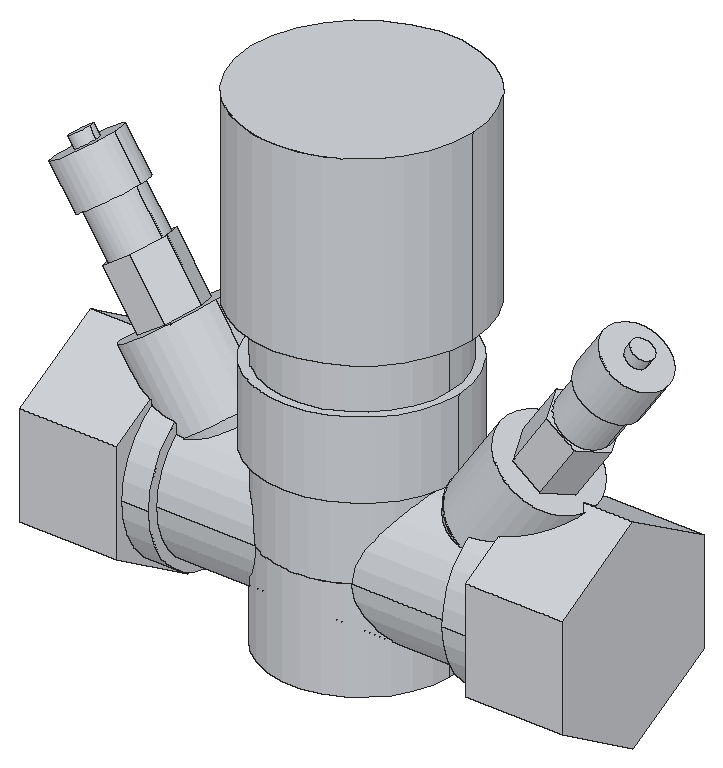
Revit family "D9525-DN25-RFA2019", category Pipe Accessories, Revit 2019
Family settings
  Round Connector Dimension = Use Diameter
  Part Type = Valve - Breaks Into
  Work Plane-Based = No
  Always vertical = Yes
  Cut with Voids When Loaded = No
  Shared = No
Parameters (values of type "9525 DN25")
  magiProductId = "1f5bab54bc3c45cdac322ce9a95cfe"
  magiProductFamilyId = "ec630ab62332464eb6277f46734e39"
  magiPartTypeId = 304
  isMeasuringValve [instance] = no
  ang2D [instance] = 0.00°
  ZZ = 11.971 mm
  ZN = 2 mm
  ZB1 = 16.333 mm
  ZB = 18.333 mm
  Z11 = 9.745 mm
  Z1 = 13.922 mm
  X0 = 18 mm
  W2D = 25 mm
  VersionID = "2.0/2019.5.23.1/VIR_9525_201"
  VIS0 = no
  V22 = 15.7 mm
  V2 = 17.8 mm
  V = 40 mm
  Use Minimum Symbol Size [instance] = no
  URL = "www.hydronic.cz"
  Type Comments = "závitový; PN10 (-10~+120°C) nebo PN20 (-10~+80°C)"
  RT = 2 mm
  RN = 18.333 mm
  R9 = 5 mm
  R8 = 6 mm
  R3 = 15 mm
  R2 = 13.333 mm
  R11 = 4.5 mm
  R1 = 9 mm
  R = 12.5 mm
  QmdConnectorList = "301;D;302;D"
  Productdata [instance] = ""
  Manufacturer = "Hydronic Systems Prague s.r.o."
  MC Product Code = "9525 025 (D9525 DN25; kvs=6,30)"
  MC Piping Given Pressure Drop [instance] = 0.0 Pa
  MC Enable LOD 350 = no
  MC Enable LOD 200 = no
  MC Constant Outlet Pressure [instance] = 0.0 Pa
  L_2 = 49 mm
  LLDONLY = not(BBVIS)  # yes
  LLDAndHLD = and(or(LLDONLY, MC Enable LOD 350), not(BBVIS))  # yes
  LC = 9.8 mm
  L3 = 22.5 mm
  L2__ve = -L2  # -5 mm
  L2D_Min = 30.48 mm
  L2D = 98 mm
  L2 = 5 mm
  L1__ve = -L1  # -17.5 mm
  L1 = 17.5 mm
  L = 98 mm
  I4 = 31.585 mm
  I3 = 49.585 mm
  I2 = 54.5 mm
  I = 109 mm
  HBTR = 8.26 mm
  HBT3 = 8.26 mm
  HBT2 = 11.013 mm
  HBT11 = 15.562 mm
  HBT1 = 27.533 mm
  HBT = 55.067 mm
  HB = 71 mm
  ENBL350 = and(MC Enable LOD 350, not(BBVIS))  # no
  Description = "Ruční vyvažovací a 2-cestný regulační ventil závitový; bronzový; DN25; kvs6,30"
  DB11 = 30.286 mm
  DB1 = 35.067 mm
  DB = 31.88 mm
  D = 25 mm
  CenSd_RN_6 = RN * cos(30.00°)  # 15.877 mm
  CenSd_R8_6 = R8 * cos(30.00°)  # 5.196 mm
  CAT0 = yes
  CAT = no
  BBVIS = MC Enable LOD 200  # no
Types (4, lengths in mm): name | magiProductId | ZZ | ZB1 | ZB | Z11 | Z1 | W2D | RN | R3 | R2 | R | MC Product Code | L_2 | L2D | L | I4 | I3 | I2 | I | HBTR | HBT3 | HBT2 | HBT11 | HBT1 | HBT | HB | Description | DB11 | DB1 | DB | D | CenSd_RN_6
  9525 DN15 NF | "38bc2a49e75f44a19550cf5c31e8d8" | 10.076 | 9 | 11 | 7 | 10 | 15 | 11 | 9 | 8 | 7.5 | "9525 015 (D9525 DN15NF; kvs=1,83)" | 41.5 | 83 | 83 | 26.585 | 44.585 | 49.5 | 99 | 6.952 | 6.952 | 9.27 | 13.099 | 23.175 | 46.35 | 51 | "Ruční vyvažovací a 2-cestný regulační ventil závitový; bronzový; DN15NF; kvs1,83" | 25.65 | 29.7 | 27 | 15 | 9.526
  9525 DN15 LF | "0f0d3c44fff84d33bcc3edb98b3d66" | 10.076 | 9 | 11 | 7 | 10 | 15 | 11 | 9 | 8 | 7.5 | "9525 014 (D9525 DN15LF; kvs=0,86)" | 41.5 | 83 | 83 | 26.585 | 44.585 | 49.5 | 99 | 6.952 | 6.952 | 9.27 | 13.099 | 23.175 | 46.35 | 51 | "Ruční vyvažovací a 2-cestný regulační ventil závitový; bronzový; DN15LF; kvs0,86" | 25.65 | 29.7 | 27 | 15 | 9.526
  9525 DN20 | "da587af331304b45b3ec03b8fa0f34" | 11.213 | 12.667 | 14.667 | 7 | 10 | 20 | 14.667 | 12 | 10.667 | 10 | "9525 020 (D9525 DN20; kvs=3,47)" | 45 | 90 | 90 | 29.585 | 47.585 | 52.5 | 105 | 7.737 | 7.737 | 10.316 | 14.577 | 25.79 | 51.58 | 51 | "Ruční vyvažovací a 2-cestný regulační ventil závitový; bronzový; DN20; kvs3,47" | 27.813 | 32.205 | 29.277 | 20 | 12.702
  9525 DN25 | "1f5bab54bc3c45cdac322ce9a95cfe" | 11.971 | 16.333 | 18.333 | 9.745 | 13.922 | 25 | 18.333 | 15 | 13.333 | 12.5 | "9525 025 (D9525 DN25; kvs=6,30)" | 49 | 98 | 98 | 31.585 | 49.585 | 54.5 | 109 | 8.26 | 8.26 | 11.013 | 15.562 | 27.533 | 55.067 | 71 | "Ruční vyvažovací a 2-cestný regulační ventil závitový; bronzový; DN25; kvs6,30" | 30.286 | 35.067 | 31.88 | 25 | 15.877
Reference planes
  plane 1 "Center (Front/Back)": y = 0
  plane 2 "XYPLANE": z = 0
  plane 3 "Center (Left/Right)": x = 0
  plane 4 "506": x = -2.2
  plane 5 "476": through (-589.498, 0, 439.988) normal (0.5736, 0, 0.8192)
  plane 6 "473": through (-639.23, 0, -420.376) normal (-0.5736, 0, 0.8192)
  plane 7 "470": z = -16.333
  plane 8 "442": x = 54.5
  plane 9 "441": x = -54.5
  plane 10 "440": y = 20
  plane 11 "439": y = -20
  plane 12 "438": z = -18.333
  plane 13 "436": through (-564.779, 0, 475.291) normal (0.5736, 0, 0.8192)
  plane 14 "435": through (-569.517, 0, 468.524) normal (0.5736, 0, 0.8192)
  plane 15 "434": through (-574.254, 0, 461.758) normal (0.5736, 0, 0.8192)
  plane 16 "433": through (-580.571, 0, 452.736) normal (0.5736, 0, 0.8192)
  plane 17 "422": through (-663.949, 0, -385.074) normal (-0.5736, 0, 0.8192)
  plane 18 "419": through (-659.211, 0, -391.84) normal (-0.5736, 0, 0.8192)
  plane 19 "416": through (-654.474, 0, -398.607) normal (-0.5736, 0, 0.8192)
  plane 20 "413": through (-648.157, 0, -407.628) normal (-0.5736, 0, 0.8192)
  plane 21 "400": z = 55.2
  plane 22 "397": z = 53.2
  plane 23 "396": z = 71
  plane 24 "395": z = 37.588
  plane 25 "394": x = -20
  plane 26 "393": x = -0.2
  plane 27 "390": z = 27.843
  plane 28 "387": z = 13.922
  plane 29 "369": x = -18
  plane 30 "368": x = 18
  plane 31 "364": z = -18.333
  plane 32 "356": y = 0
  plane 33 "355": through (-448.182, 0, 614.364) normal (0.8192, 0, 0.5736)
  plane 34 "353": through (-632.364, 0, -430.182) normal (-0.5736, 0, 0.8192)
  plane 35 "328": y = 0
  plane 36 "157": x = 26.5
  plane 37 "70": through (-596.364, 0, 430.182) normal (0.5736, 0, 0.8192)
  plane 38 "68": through (448.182, 0, 614.364) normal (0.8192, 0, -0.5736)
  plane 39 "21": x = -26.5
  plane 40 "20": x = 31.5
  plane 41 "19": x = -31.5
  plane 42 "13": x = 0
  plane 43 "11": x = 49
  plane 44 "10": x = -49
  plane 45 "9": y = 0
  plane 46 "8": z = 0
  plane 47 "340XY": through (-632.364, 0, -430.182) normal (-0.5736, 0, 0.8192)
  plane 48 "340XZ": y = 0
  plane 49 "340YZ": through (-448.182, 0, 614.364) normal (0.8192, 0, 0.5736)
  plane 50 "65XY": through (-596.364, 0, 430.182) normal (0.5736, 0, 0.8192)
  plane 51 "65XZ": y = 0
  plane 52 "65YZ": through (448.182, 0, 614.364) normal (0.8192, 0, -0.5736)
Forms (mm)
  Extrusion 1, solid, visible <- "LLDAndHLD"
    sketch origin (-580.571, 0, 452.736) x (0.819152, 0, -0.573576) y (0, 1, 0)
      loop
        line (756, 0) -> (753, 5.196) -> (747, 5.196) -> (744, 0) -> (747, -5.196) -> (753, -5.196) -> (756, 0)
    from 0 to 11.013 <- "HBT2"
  Extrusion 2, solid, visible <- "LLDAndHLD"
    sketch origin (-648.157, 0, -407.628) x (0.819152, 0, 0.573576) y (0, 1, 0)
      loop
        line (756, 0) -> (753, 5.196) -> (747, 5.196) -> (744, 0) -> (747, -5.196) -> (753, -5.196) -> (756, 0)
    from 0 to 11.013 <- "HBT2"
  Blend 3, solid, visible <- "LLDAndHLD"
    base sketch origin (-596.364, 0, 430.182) x (0.819152, 0, -0.573576) y (0, 1, 0)
      loop
        circle (750, 0) r 4.5
    top sketch origin (-596.364, 0, 430.182) x (0.819152, 0, -0.573576) y (0, 1, 0)
      loop
        circle (750, 0) r 9
    from 0 to 11.971
  Blend 4, solid, visible <- "LLDAndHLD"
    base sketch origin (-639.23, 0, -420.376) x (0.819152, 0, 0.573576) y (0, 1, 0)
      loop
        circle (750, 0) r 9
    top sketch origin (-639.23, 0, -420.376) x (0.819152, 0, 0.573576) y (0, 1, 0)
      loop
        circle (750, 0) r 4.5
    from 0 to -11.971
  Blend 5, solid, visible <- "ENBL350"
    base sketch origin (-750, 0, -16.333) x (1, 0, 0) y (0, 1, 0)
      loop
        circle (750, 0) r 15.94
    top sketch origin (-750, 0, -16.333) x (1, 0, 0) y (0, 1, 0)
      loop
        circle (750, 0) r 15.143
    from 0 to -2
  Extrusion 6, solid, visible <- "ENBL350"
    sketch origin (-750, 0, -16.333) x (1, 0, 0) y (0, 1, 0)
      loop
        circle (750, 0) r 15.94
    from 0 to 16.333 <- "ZB1"
  Blend 7, solid, visible <- "BBVIS"
    base sketch origin (-750, 0, -18.333) x (1, 0, 0) y (0, 1, 0)
      loop
        line (695.5, -20) -> (804.5, -20) -> (804.5, 20) -> (695.5, 20) -> (695.5, -20)
    top sketch origin (-750, 0, -18.333) x (1, 0, 0) y (0, 1, 0)
      loop
        line (695.5, -20) -> (804.5, -20) -> (804.5, 20) -> (695.5, 20) -> (695.5, -20)
    from 0 to 89.333
  Blend 8, solid, visible <- "LLDONLY"
    base sketch origin (-750, 0, 37.588) x (1, 0, 0) y (0, 1, 0)
      loop
        circle (750, 0) r 20
    top sketch origin (-750, 0, 37.588) x (1, 0, 0) y (0, 1, 0)
      loop
        circle (750, 0) r 20
    from 0 to 33.412
  Extrusion 9, solid, visible <- "LLDAndHLD"
    sketch origin (-589.498, 0, 439.988) x (0.819152, 0, -0.573576) y (0, 1, 0)
      loop
        circle (750, 0) r 9
    from 0 to 15.562 <- "HBT11"
  Extrusion 10, solid, visible <- "LLDAndHLD"
    sketch origin (-574.254, 0, 461.758) x (0.819152, 0, -0.573576) y (0, 1, 0)
      loop
        circle (750, 0) r 5
    from 0 to 8.26 <- "HBT3"
  Extrusion 11, solid, visible <- "LLDAndHLD"
    sketch origin (-569.517, 0, 468.524) x (0.819152, 0, -0.573576) y (0, 1, 0)
      loop
        circle (750, 0) r 6
    from 0 to 8.26 <- "HBTR"
  Extrusion 12, solid, visible <- "LLDAndHLD"
    sketch origin (-564.779, 0, 475.291) x (0.819152, 0, -0.573576) y (0, 1, 0)
      loop
        circle (750, 0) r 2
    from 0 to 2
  Extrusion 13, solid, visible <- "LLDAndHLD"
    sketch origin (-663.949, 0, -385.074) x (0.819152, 0, 0.573576) y (0, 1, 0)
      loop
        circle (750, 0) r 2
    from 0 to 2
  Extrusion 14, solid, visible <- "LLDAndHLD"
    sketch origin (-659.211, 0, -391.84) x (0.819152, 0, 0.573576) y (0, 1, 0)
      loop
        circle (750, 0) r 6
    from 0 to 8.26 <- "HBTR"
  Extrusion 15, solid, visible <- "LLDAndHLD"
    sketch origin (-654.474, 0, -398.607) x (0.819152, 0, 0.573576) y (0, 1, 0)
      loop
        circle (750, 0) r 5
    from 0 to 8.26 <- "HBT3"
  Extrusion 16, solid, visible <- "LLDAndHLD"
    sketch origin (-639.23, 0, -420.376) x (0.819152, 0, 0.573576) y (0, 1, 0)
      loop
        circle (750, 0) r 9
    from 0 to 15.562 <- "HBT11"
  Revolve 17, solid, visible <- "ENBL350"
    sketch origin (-0.2, 0, 27) x (0, 0, -1) y (1, 0, 0)
      loop
        line (-10.588, 0) -> (-44, 0) -> (-44, -2) -> (-44, -4.1)
        arc (-44, -4.1) -> (-39.402, -15.202) -> (-28.3, -19.8) r 15.7
        line (-28.3, -19.8) -> (-10.588, -19.8) -> (-10.588, -2) -> (-10.588, 0)
      axis (-44, 0.2) -> (-10.588, 0.2)
    angle from 0 to -360
  Extrusion 18, solid, visible <- "LLDAndHLD"
    sketch origin (-750, 0, 27.843) x (1, 0, 0) y (0, 1, 0)
      loop
        circle (750, 0) r 15.94
    from 0 to 9.745 <- "Z11"
  Extrusion 19, solid, visible <- "LLDAndHLD"
    sketch origin (-750, 0, 13.922) x (1, 0, 0) y (0, 1, 0)
      loop
        circle (750, 0) r 17.534
    from 0 to 13.922 <- "Z1"
  Blend 20, solid, visible <- "LLDAndHLD"
    base sketch origin (-26.5, -750, 0) x (0, 1, 0) y (0, 0, 1)
      loop
        circle (750, 0) r 13.333
    top sketch origin (-26.5, -750, 0) x (0, 1, 0) y (0, 0, 1)
      loop
        circle (750, 0) r 13.333
    from 0 to 53
  Extrusion 21, solid, visible <- "LLDAndHLD"
    sketch origin (-750, 0, 0) x (1, 0, 0) y (0, 1, 0)
      loop
        circle (750, 0) r 15.94
    from 0 to 13.922 <- "Z1"
  Extrusion 22, solid, visible <- "LLDONLY"
    sketch origin (-750, 0, -18.333) x (1, 0, 0) y (0, 1, 0)
      loop
        circle (750, 0) r 15.94
    from 0 to 18.333 <- "ZB"
  Extrusion 23, solid, visible <- "LLDAndHLD"
    sketch origin (26.5, -750, 0) x (0, 1, 0) y (0, 0, 1)
      loop
        circle (750, 0) r 15
    from 0 to 5 <- "L2"
  Extrusion 24, solid, visible <- "LLDAndHLD"
    sketch origin (-26.5, -750, 0) x (0, 1, 0) y (0, 0, 1)
      loop
        circle (750, 0) r 15
    from 0 to -5 <- "L2__ve"
  Extrusion 25, solid, visible <- "LLDAndHLD"
    sketch origin (49, -750, 0) x (0, 1, 0) y (0, 0, 1)
      loop
        line (750, 18.333) -> (734.123, 9.167) -> (734.123, -9.167) -> (750, -18.333) -> (765.877, -9.167) -> (765.877, 9.167) -> (750, 18.333)
    from 0 to -17.5 <- "L1__ve"
  Extrusion 26, solid, visible <- "LLDAndHLD"
    sketch origin (-49, -750, 0) x (0, 1, 0) y (0, 0, 1)
      loop
        line (750, 18.333) -> (734.123, 9.167) -> (734.123, -9.167) -> (750, -18.333) -> (765.877, -9.167) -> (765.877, 9.167) -> (750, 18.333)
    from 0 to 17.5 <- "L1"
  Extrusion 27, solid, not visible
    sketch origin (49, -750, 0) x (0, 1, 0) y (0, 0, 1)
      loop
        circle (750, 0) r 10
    from 0 to -10
  Extrusion 28, solid, not visible
    sketch origin (-49, -750, 0) x (0, 1, 0) y (0, 0, 1)
      loop
        circle (750, 0) r 10
    from 0 to 10
Lines and regions (mm)
  reference lines, not visible
    curve 1: circle (2, 2, 0) r 1 normal (0, 0, 1)
  reference lines
    curve 2: line (33.793, 0, 22.554) -> (32.564, 2.598, 23.414)
    curve 3: line (33.793, 0, 22.554) -> (31.335, 0, 24.275)
    curve 4: line (33.793, 0, 22.554) -> (32.564, -2.598, 23.414)
    curve 5: line (-33.793, 0, 22.554) -> (-35.021, 2.598, 21.694)
    curve 6: line (-33.793, 0, 22.554) -> (-36.25, 0, 20.833)
    curve 7: line (-33.793, 0, 22.554) -> (-35.021, -2.598, 21.694)
    curve 8: line (49, 0, 0) -> (49, -4.763, -2.75)
    curve 9: line (49, 0, 0) -> (49, 0, -5.5)
    curve 10: line (49, 0, 0) -> (49, 4.763, -2.75)
    curve 11: line (-49, 0, 0) -> (-49, 4.763, -2.75)
    curve 12: line (-49, 0, 0) -> (-49, 0, -5.5)
    curve 13: line (-49, 0, 0) -> (-49, -4.763, -2.75)
Dimensions and locks
  plane 1 "Center (Front/Back)" to curve 1 = 2 mm
  locked: plane 26 "393" to plane 4 "506" at 2
  "ZZ": plane 37 "70" to plane 5 "476"
  "ZZ": plane 34 "353" to plane 6 "473"
  locked: plane 31 "364" to plane 7 "470" at 2
  "I2": plane 42 "13" to plane 8 "442"
  "I2": plane 42 "13" to plane 9 "441"
  "V": plane 11 "439" to plane 10 "440"
  locked: plane 45 "9" to plane 11 "439" at 20
  "RN": plane 46 "8" to plane 12 "438"
  "HBTR": plane 14 "435" to plane 13 "436"
  "HBT3": plane 15 "434" to plane 14 "435"
  "HBT2": plane 16 "433" to plane 15 "434"
  "HBT1": plane 37 "70" to plane 16 "433"
  "HBTR": plane 18 "419" to plane 17 "422"
  "HBT3": plane 19 "416" to plane 18 "419"
  "HBT2": plane 20 "413" to plane 19 "416"
  "HBT1": plane 34 "353" to plane 20 "413"
  "ZN": plane 22 "397" to plane 21 "400"
  "V2": plane 23 "396" to plane 22 "397"
  "HB": plane 2 "XYPLANE" to plane 23 "396"
  "Z11": plane 27 "390" to plane 24 "395"
  "V2": plane 4 "506" to plane 25 "394"
  locked: plane 42 "13" to plane 26 "393" at 0.2
  "Z1": plane 28 "387" to plane 27 "390"
  "Z1": plane 2 "XYPLANE" to plane 28 "387"
  "X0": plane 3 "Center (Left/Right)" to plane 29 "369"
  "X0": plane 3 "Center (Left/Right)" to plane 30 "368"
  "ZB": plane 2 "XYPLANE" to plane 31 "364"
  locked: plane 45 "9" to plane 32 "356"
  locked: plane 49 "340YZ" to plane 33 "355"
  locked: plane 47 "340XY" to plane 34 "353" at 0
  locked: plane 45 "9" to plane 35 "328"
  "L2": plane 40 "20" to plane 36 "157"
  locked: plane 50 "65XY" to plane 37 "70"
  locked: plane 52 "65YZ" to plane 38 "68"
  "L2": plane 41 "19" to plane 39 "21"
  "L1": plane 43 "11" to plane 40 "20"
  "L1": plane 44 "10" to plane 41 "19"
  locked: plane 3 "Center (Left/Right)" to plane 42 "13"
  "L_2": plane 3 "Center (Left/Right)" to plane 43 "11"
  "L_2": plane 3 "Center (Left/Right)" to plane 44 "10"
  locked: plane 1 "Center (Front/Back)" to plane 45 "9"
  locked: plane 2 "XYPLANE" to plane 46 "8"
  "CenSd_R8_6": curve 2 to Extrusion 1 sketch curve  (x2)
  "CenSd_R8_6": curve 3 to Extrusion 1 sketch curve  (x2)
  "CenSd_R8_6": curve 4 to Extrusion 1 sketch curve  (x2)
  Extrusion 1 sketch curve to Extrusion 1 sketch curve = 0 mm  (x12)
  "CenSd_R8_6": curve 5 to Extrusion 2 sketch curve  (x2)
  "CenSd_R8_6": curve 6 to Extrusion 2 sketch curve  (x2)
  "CenSd_R8_6": curve 7 to Extrusion 2 sketch curve  (x2)
  Extrusion 2 sketch curve to Extrusion 2 sketch curve = 0 mm  (x12)
  Blend 7 sketch curve to Blend 7 sketch curve = 0 mm  (x16)
  Revolve 17 sketch curve to Revolve 17 sketch curve = 0 mm  (x14)
  "CenSd_RN_6": curve 8 to Extrusion 25 sketch curve  (x2)
  "CenSd_RN_6": curve 9 to Extrusion 25 sketch curve  (x2)
  "CenSd_RN_6": curve 10 to Extrusion 25 sketch curve  (x2)
  Extrusion 25 sketch curve to Extrusion 25 sketch curve = 0 mm  (x12)
  "CenSd_RN_6": curve 11 to Extrusion 26 sketch curve  (x2)
  "CenSd_RN_6": curve 12 to Extrusion 26 sketch curve  (x2)
  "CenSd_RN_6": curve 13 to Extrusion 26 sketch curve  (x2)
  Extrusion 26 sketch curve to Extrusion 26 sketch curve = 0 mm  (x12)
  "R1": radius of Blend 3 sketch curve
  "R11": radius of Blend 3 sketch curve
  "R11": radius of Blend 4 sketch curve
  "R1": radius of Blend 4 sketch curve
  "DB11": diameter of Blend 5 sketch curve
  "DB": diameter of Blend 5 sketch curve
  "DB": diameter of Extrusion 6 sketch curve
  "V": diameter of Blend 8 sketch curve  (x2)
  "R1": radius of Extrusion 9 sketch curve
  "R9": radius of Extrusion 10 sketch curve
  "R8": radius of Extrusion 11 sketch curve
  "RT": radius of Extrusion 12 sketch curve
  "RT": radius of Extrusion 13 sketch curve
  "R8": radius of Extrusion 14 sketch curve
  "R9": radius of Extrusion 15 sketch curve
  "R1": radius of Extrusion 16 sketch curve
  "V22": radius of Revolve 17 sketch curve
  "DB": diameter of Extrusion 18 sketch curve
  "DB1": diameter of Extrusion 19 sketch curve
  "R2": radius of Blend 20 sketch curve  (x2)
  "DB": diameter of Extrusion 21 sketch curve
  "DB": diameter of Extrusion 22 sketch curve
  "R3": radius of Extrusion 23 sketch curve
  "R3": radius of Extrusion 24 sketch curve
  locked: curve 3 to curve 2 (angle 60.00°)
  locked: curve 4 to curve 3 (angle 60.00°)
  locked: curve 4 to curve 2 (angle 120.00°)
  locked: curve 6 to curve 5 (angle 60.00°)
  locked: curve 7 to curve 6 (angle 60.00°)
  locked: curve 7 to curve 5 (angle 120.00°)
  locked: curve 9 to curve 8 (angle 60.00°)
  locked: curve 10 to curve 9 (angle 60.00°)
  locked: curve 10 to curve 8 (angle 120.00°)
  locked: curve 12 to curve 11 (angle 60.00°)
  locked: curve 13 to curve 12 (angle 60.00°)
  locked: curve 13 to curve 11 (angle 120.00°)
  aligned and locked: level to plane 2 "XYPLANE"
  aligned and locked: curve 2 to plane 38 "68"
  aligned and locked: plane 35 "328" to curve 3
  aligned and locked: curve 5 to plane 33 "355"
  aligned and locked: plane 32 "356" to curve 6
  aligned and locked: plane 35 "328" to Blend 3 sketch curve  (x2)
  aligned and locked: Blend 3 sketch curve to plane 38 "68"  (x2)
  aligned and locked: plane 5 "476" to Blend 3
  aligned and locked: plane 32 "356" to Blend 4 sketch curve  (x2)
  aligned and locked: Blend 4 sketch curve to plane 33 "355"  (x2)
  aligned and locked: Blend 4 to plane 34 "353"
  aligned and locked: plane 42 "13" to Blend 5 sketch curve  (x2)
  aligned and locked: plane 45 "9" to Blend 5 sketch curve  (x2)
  aligned and locked: Blend 5 to plane 31 "364"
  aligned and locked: plane 42 "13" to Extrusion 6 sketch curve
  aligned and locked: plane 45 "9" to Extrusion 6 sketch curve
  aligned and locked: plane 9 "441" to Blend 7 sketch curve  (x4)
  aligned and locked: plane 11 "439" to Blend 7 sketch curve  (x4)
  aligned and locked: plane 10 "440" to Blend 7 sketch curve  (x4)
  aligned and locked: plane 8 "442" to Blend 7 sketch curve  (x4)
  aligned and locked: plane 23 "396" to Blend 7
  aligned and locked: plane 42 "13" to Blend 8 sketch curve  (x2)
  aligned and locked: plane 45 "9" to Blend 8 sketch curve  (x2)
  aligned and locked: plane 23 "396" to Blend 8
  aligned and locked: plane 35 "328" to Extrusion 9 sketch curve
  aligned and locked: Extrusion 9 sketch curve to plane 38 "68"
  aligned and locked: plane 35 "328" to Extrusion 10 sketch curve
  aligned and locked: Extrusion 10 sketch curve to plane 38 "68"
  aligned and locked: plane 35 "328" to Extrusion 11 sketch curve
  aligned and locked: Extrusion 11 sketch curve to plane 38 "68"
  aligned and locked: plane 35 "328" to Extrusion 12 sketch curve
  aligned and locked: Extrusion 12 sketch curve to plane 38 "68"
  aligned and locked: plane 32 "356" to Extrusion 13 sketch curve
  aligned and locked: Extrusion 13 sketch curve to plane 33 "355"
  aligned and locked: plane 32 "356" to Extrusion 14 sketch curve
  aligned and locked: Extrusion 14 sketch curve to plane 33 "355"
  aligned and locked: plane 32 "356" to Extrusion 15 sketch curve
  aligned and locked: Extrusion 15 sketch curve to plane 33 "355"
  aligned and locked: plane 32 "356" to Extrusion 16 sketch curve
  aligned and locked: Extrusion 16 sketch curve to plane 33 "355"
  aligned and locked: plane 26 "393" to Revolve 17 sketch curve  (x2)
  aligned and locked: plane 24 "395" to Revolve 17 sketch curve  (x3)
  aligned and locked: plane 23 "396" to Revolve 17 sketch curve  (x3)
  aligned and locked: plane 4 "506" to Revolve 17 sketch curve  (x2)
  aligned and locked: Revolve 17 sketch curve to plane 25 "394"
  aligned and locked: plane 25 "394" to Revolve 17 sketch curve
  aligned and locked: Revolve 17 sketch curve to plane 24 "395"
  aligned and locked: plane 42 "13" to Extrusion 18 sketch curve
  aligned and locked: plane 45 "9" to Extrusion 18 sketch curve
  aligned and locked: plane 42 "13" to Extrusion 19 sketch curve
  aligned and locked: plane 45 "9" to Extrusion 19 sketch curve
  aligned and locked: Blend 20 sketch curve to plane 45 "9"  (x2)
  aligned and locked: plane 46 "8" to Blend 20 sketch curve  (x2)
  aligned and locked: plane 36 "157" to Blend 20
  aligned and locked: plane 42 "13" to Extrusion 21 sketch curve
  aligned and locked: plane 45 "9" to Extrusion 21 sketch curve
  aligned and locked: plane 42 "13" to Extrusion 22 sketch curve
  aligned and locked: plane 45 "9" to Extrusion 22 sketch curve
  aligned and locked: Extrusion 23 sketch curve to plane 45 "9"
  aligned and locked: plane 46 "8" to Extrusion 23 sketch curve
  aligned and locked: Extrusion 24 sketch curve to plane 45 "9"
  aligned and locked: plane 46 "8" to Extrusion 24 sketch curve
  aligned and locked: curve 10 to plane 45 "9"
  aligned and locked: plane 46 "8" to curve 10
  aligned and locked: curve 13 to plane 45 "9"
  aligned and locked: plane 46 "8" to curve 13
  aligned and locked: Extrusion 27 sketch curve to plane 45 "9"
  aligned and locked: plane 46 "8" to Extrusion 27 sketch curve
  aligned and locked: Extrusion 28 sketch curve to plane 45 "9"
  aligned and locked: plane 46 "8" to Extrusion 28 sketch curve
  aligned and locked: plane 42 "13" to nested 1
  aligned and locked: plane 45 "9" to nested 1
Automatic sketch dimensions
  plane 1 "Center (Front/Back)" to Extrusion 27 sketch curve = 10 mm
  plane 1 "Center (Front/Back)" to Extrusion 28 sketch curve = 10 mm
  plane 3 "Center (Left/Right)" to curve 1 = 2 mm
  Revolve 17 sketch curve to plane 3 "Center (Left/Right)" = 0 mm
  radius of curve 1 = 1 mm
Nested families
  nested 1: "2_RadialArray" at (0, 0, 55.2), LC <- "LC", type "Family21"
    with X 11 mm, StartAngle 90.00°, SW 5 mm, SH 13 mm, NumberOfObjects 6, ModelLinesVisible no, LC 9.8 mm, ArcAngle 360.00°
Connectors
  piping at (-49, 0, 0), diameter 25, driven by "D"
    settings: on Extrusion 28, index 1, connector inside diameter 609.6 mm, connector length 0 mm, flow factor 0, pipe flow 0.0 L/s, pressure drop 0.0 Pa, fitting loss kfactor 0, connector angle 0.00°, fixture units 0, engagement length 0 mm, angle of deflection 0.00°, flow configuration 0, flow direction 0, fitting loss method 0, system type 29, joint type 0, gender type 0, connector reference index 2, connector utility 0, adjustable connector no, is connector primary yes, connector description ""
  piping at (49, 0, 0), diameter 25, driven by "D"
    settings: on Extrusion 27, index 2, connector inside diameter 609.6 mm, connector length 0 mm, flow factor 0, pipe flow 0.0 L/s, pressure drop 0.0 Pa, fitting loss kfactor 0, connector angle 0.00°, fixture units 0, engagement length 0 mm, angle of deflection 0.00°, flow configuration 0, flow direction 0, fitting loss method 0, system type 29, joint type 0, gender type 0, connector reference index 1, connector utility 0, adjustable connector no, is connector primary no, connector description ""
